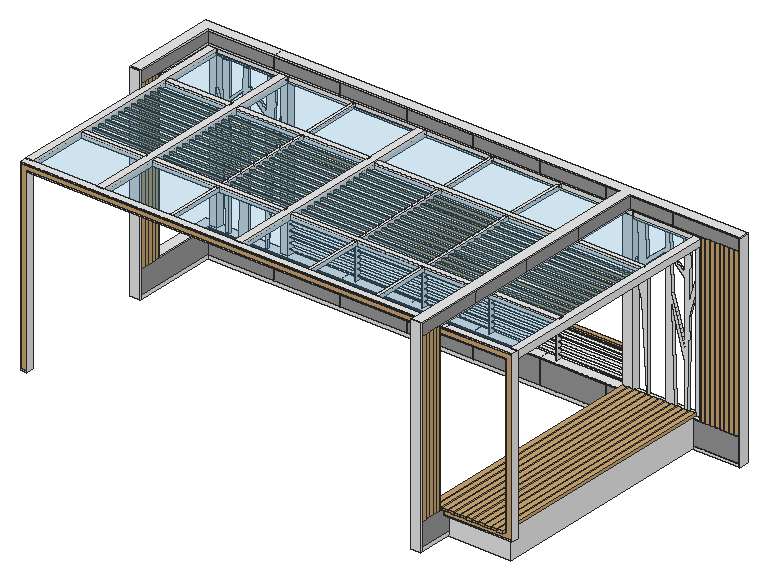
Revit family "L-FUR_퍼걸러_DWTH-01_데오스웍스", category 일반 모델, Revit 2019
Family settings
  보강 철근 호스트 가능 = 아니오
  원형 커넥터 치수 = 지름 사용
  부품 유형 = 보통
  작업 기준면 기반 = 아니오
  항상 수직 = 예
  로드될 때 보이드를 사용하여 절단 = 아니오
  공유 = 아니오
  룸 계산 점 = 아니오
Parameters
  한국산업규격KS = ""
  조달청표준공사코드-세부공종 = "24076824"
  건설정보분류체계-부위분류 = "E94135"
  LIM_INFO_주의사항 = "재배포, 재가공, 판매 금지"
  LIM_INFO_제품업체 = "데오스웍스"
  LIM_INFO_제품번호 = "DWTH-01"
  LIM_INFO_제품명 = "퍼걸러_DWTH-01"
  LIM_INFO_제작일 = "2021.12."
  LIM_INFO_재료 = "Stl Plate, Stl Pipe, Hardwood, 강화유리, H형강, 포천석"
  LIM_INFO_업체정보 = ""
  LIM_INFO_업체URL = "https://www.deosworks.com"
  LIM_INFO_업체TEL = "02-862-3444"
  LIM_INFO_업체EMAIL = "info@deosworks.com"
  LIM_INFO_버전 = "2022_V01"
  LIM_INFO_기타정보 = ""
  LIM_INFO_규격 = "W8000 x D4000 x H3030"
  LIM_INFO_가격 = 0
  LIM_INFO_PV_포장재여부 = yes
  LIM_INFO_PV_면적 = 0.00 m²
  KBIMS_식별-버전 = ""
  KBIMS_식별-bSK등록번호 = ""
  KBIMS_보급정보-저작자 = "림인포테크_MMJ"
  KBIMS_보급정보-보급코드 = ""
Reference planes
  plane 1 "중심(앞/뒤)": y = 0
  plane 2: z = 0
  plane 3 "중심(왼쪽/오른쪽)": x = 0
Dimensions and locks
  aligned and locked: level to plane 2
Nested families
  nested 1: "DWTH-01_base" at (0, 0, 0), type "DWTH-01_base"
Definition of nested family "DWTH-01_base"
  Reference planes
    plane 1 "중심(앞/뒤)": y = 0
    plane 2: z = 0
    plane 3 "중심(왼쪽/오른쪽)": x = 0
    plane 4: y = 7273.564
    plane 5: y = 9256.376
    plane 6: y = 8296.376
    plane 7: y = 7366.376
    plane 8: y = -3092.812
    plane 9: y = -1110
    plane 10: y = -2070
    plane 11: y = -3000
    plane 12: y = 7273.564
    plane 13: y = 9256.376
    plane 14: y = 8296.376
    plane 15: y = 7366.376
    plane 16: y = -3092.812
    plane 17: y = -1110
    plane 18: y = -2070
    plane 19: y = -3000
  Forms (mm)
    Extrusion 1, solid, detail levels fine
      sketch origin (-1609.275, -10366.376, 0) x (1, 0, 0) y (0, 1, 0)
        loop
          line (1609.275, 10366.376) -> (1609.275, 8991.376) -> (1759.275, 8991.376) -> (1759.275, 10216.376) -> (7839.275, 10216.376) -> (7839.275, 6381.376) -> (7989.275, 6381.376) -> (7989.275, 10216.376) -> (9609.275, 10216.376) -> (9609.275, 10366.376) -> (1609.275, 10366.376)
      from 3015 to 3030
    Extrusion 2, solid, detail levels fine
      sketch origin (-1609.275, -10366.376, 0) x (1, 0, 0) y (0, 1, 0)
        loop
          line (1759.275, 8991.376) -> (1759.275, 10366.376) -> (1609.275, 10366.376) -> (1609.275, 8991.376) -> (1759.275, 8991.376)
      from 2845 to 3015
    Extrusion 3, solid, detail levels fine
      sketch origin (-1609.275, -10366.376, 0) x (1, 0, 0) y (0, 1, 0)
        loop
          line (1609.275, 8991.376) -> (1609.275, 8976.376) -> (1759.275, 8976.376) -> (1759.275, 8991.376) -> (1609.275, 8991.376)
      from 0 to 3030
    Extrusion 4, solid, detail levels fine
      sketch origin (-1609.275, -10366.376, 0) x (1, 0, 0) y (0, 1, 0)
        loop
          line (7839.275, 6381.376) -> (7839.275, 6366.376) -> (7989.275, 6366.376) -> (7989.275, 6381.376) -> (7839.275, 6381.376)
      from 0 to 3030
    Extrusion 5, solid, detail levels fine
      sketch origin (-1609.275, -10366.376, 0) x (1, 0, 0) y (0, 1, 0)
        loop
          line (1609.275, 10366.376) -> (1609.275, 8991.376) -> (1759.275, 8991.376) -> (1759.275, 10216.376) -> (7839.275, 10216.376) -> (7839.275, 6381.376) -> (7989.275, 6381.376) -> (7989.275, 10216.376) -> (9594.275, 10216.376) -> (9594.275, 10366.376) -> (1609.275, 10366.376)
      from 0 to 50
    Extrusion 6, solid, detail levels fine
      sketch origin (-1609.275, -10366.376, 0) x (1, 0, 0) y (0, 1, 0)
        loop
          line (1759.275, 8991.376) -> (1759.275, 10366.376) -> (1609.275, 10366.376) -> (1609.275, 8991.376) -> (1759.275, 8991.376)
      from 50 to 405
    Extrusion 7, solid, detail levels fine
      sketch origin (-1609.275, -10366.376, 0) x (1, 0, 0) y (0, 1, 0)
        loop
          line (1759.275, 10366.376) -> (1759.275, 10216.376) -> (2730.212, 10216.376) -> (2730.212, 10366.376) -> (1759.275, 10366.376)
      from 50 to 405
    Extrusion 8, solid, detail levels fine
      sketch origin (130.725, -10366.376, 0) x (1, 0, 0) y (0, 1, 0)
        loop
          line (1000.212, 10366.376) -> (1000.212, 10216.376) -> (1971.15, 10216.376) -> (1971.15, 10366.376) -> (1000.212, 10366.376)
      from 50 to 405
    Extrusion 9, solid, detail levels fine
      sketch origin (1000.725, -10366.376, 0) x (1, 0, 0) y (0, 1, 0)
        loop
          line (1111.15, 10366.376) -> (1111.15, 10216.376) -> (2082.087, 10216.376) -> (2082.087, 10366.376) -> (1111.15, 10366.376)
      from 50 to 405
    Extrusion 10, solid, detail levels fine
      sketch origin (1870.725, -10366.376, 0) x (1, 0, 0) y (0, 1, 0)
        loop
          line (1222.087, 10366.376) -> (1222.087, 10216.376) -> (2193.025, 10216.376) -> (2193.025, 10366.376) -> (1222.087, 10366.376)
      from 50 to 405
    Extrusion 11, solid, detail levels fine
      sketch origin (2740.725, -10366.376, 0) x (1, 0, 0) y (0, 1, 0)
        loop
          line (1333.025, 10366.376) -> (1333.025, 10216.376) -> (2303.962, 10216.376) -> (2303.962, 10366.376) -> (1333.025, 10366.376)
      from 50 to 405
    Extrusion 12, solid, detail levels fine
      sketch origin (3610.725, -10366.376, 0) x (1, 0, 0) y (0, 1, 0)
        loop
          line (1443.962, 10366.376) -> (1443.962, 10216.376) -> (2414.9, 10216.376) -> (2414.9, 10366.376) -> (1443.962, 10366.376)
      from 50 to 405
    Extrusion 13, solid, detail levels fine
      sketch origin (-1609.275, -10366.376, 0) x (0, 1, 0) y (0, 0, 1)
        loop
          line (9051.376, 2845) -> (8991.376, 2845) -> (8991.376, 405) -> (9051.376, 405) -> (9051.376, 2845)
        loop
          line (9116.376, 2845) -> (9056.376, 2845) -> (9056.376, 405) -> (9116.376, 405) -> (9116.376, 2845)
        loop
          line (9181.376, 2845) -> (9121.376, 2845) -> (9121.376, 405) -> (9181.376, 405) -> (9181.376, 2845)
        loop
          line (9246.376, 2845) -> (9186.376, 2845) -> (9186.376, 405) -> (9246.376, 405) -> (9246.376, 2845)
        loop
          line (9311.376, 2845) -> (9251.376, 2845) -> (9251.376, 405) -> (9311.376, 405) -> (9311.376, 2845)
      from 1609.275 to 1759.275
    Extrusion 14, solid, detail levels fine
      sketch origin (-1609.275, -12976.376, 0) x (0, 1, 0) y (0, 0, 1)
        loop
          line (9051.376, 2845) -> (8991.376, 2845) -> (8991.376, 405) -> (9051.376, 405) -> (9051.376, 2845)
        loop
          line (9116.376, 2845) -> (9056.376, 2845) -> (9056.376, 405) -> (9116.376, 405) -> (9116.376, 2845)
        loop
          line (9181.376, 2845) -> (9121.376, 2845) -> (9121.376, 405) -> (9181.376, 405) -> (9181.376, 2845)
        loop
          line (9246.376, 2845) -> (9186.376, 2845) -> (9186.376, 405) -> (9246.376, 405) -> (9246.376, 2845)
        loop
          line (9311.376, 2845) -> (9251.376, 2845) -> (9251.376, 405) -> (9311.376, 405) -> (9311.376, 2845)
      from 7839.275 to 7989.275
    Extrusion 15, solid, detail levels fine
      sketch origin (4591.663, -10366.376, 0) x (1, 0, 0) y (0, 1, 0)
        loop
          line (1443.962, 10366.376) -> (1443.962, 10216.376) -> (2414.9, 10216.376) -> (2414.9, 10366.376) -> (1443.962, 10366.376)
      from 50 to 405
    Extrusion 16, solid, detail levels fine
      sketch origin (5570.1, -10366.376, 0) x (1, 0, 0) y (0, 1, 0)
        loop
          line (1443.962, 10366.376) -> (1443.962, 10216.376) -> (2414.9, 10216.376) -> (2414.9, 10366.376) -> (1443.962, 10366.376)
      from 50 to 405
    Extrusion 17, solid, detail levels fine
      sketch origin (16596.376, -2564.9, 0) x (0, 1, 0) y (-1, 0, 0)
        loop
          line (1464.9, 10366.376) -> (1464.9, 10216.376) -> (2414.9, 10216.376) -> (2414.9, 10366.376) -> (1464.9, 10366.376)
      from 50 to 405
    Extrusion 18, solid, detail levels fine
      sketch origin (16596.376, -3365.027, 0) x (0, 1, 0) y (-1, 0, 0)
        loop
          line (1305.027, 10366.376) -> (1305.027, 10216.376) -> (2255.027, 10216.376) -> (2255.027, 10366.376) -> (1305.027, 10366.376)
      from 50 to 405
    Extrusion 19, solid, detail levels fine
      sketch origin (16596.376, -4484.9, 0) x (0, 1, 0) y (-1, 0, 0)
        loop
          line (1494.9, 10366.376) -> (1494.9, 10216.376) -> (2414.9, 10216.376) -> (2414.9, 10366.376) -> (1494.9, 10366.376)
      from 50 to 405
    Extrusion 20, solid, detail levels fine
      sketch origin (16596.376, -5414.9, 0) x (0, 1, 0) y (-1, 0, 0)
        loop
          line (1429.9, 10366.376) -> (1429.9, 10216.376) -> (2414.9, 10216.376) -> (2414.9, 10366.376) -> (1429.9, 10366.376)
      from 50 to 405
    Extrusion 21, solid, detail levels fine
      sketch origin (-1609.275, -10366.376, 0) x (1, 0, 0) y (0, 0, 1)
        loop
          line (9524.275, 2845) -> (9524.275, 405) -> (9584.275, 405) -> (9584.275, 2845) -> (9524.275, 2845)
        loop
          line (9454.275, 2845) -> (9454.275, 405) -> (9514.275, 405) -> (9514.275, 2845) -> (9454.275, 2845)
        loop
          line (9384.275, 2845) -> (9384.275, 405) -> (9444.275, 405) -> (9444.275, 2845) -> (9384.275, 2845)
        loop
          line (9314.275, 2845) -> (9314.275, 405) -> (9374.275, 405) -> (9374.275, 2845) -> (9314.275, 2845)
        loop
          line (9244.275, 2845) -> (9244.275, 405) -> (9304.275, 405) -> (9304.275, 2845) -> (9244.275, 2845)
        loop
          line (9174.275, 2845) -> (9174.275, 405) -> (9234.275, 405) -> (9234.275, 2845) -> (9174.275, 2845)
        loop
          line (9104.275, 2845) -> (9104.275, 405) -> (9164.275, 405) -> (9164.275, 2845) -> (9104.275, 2845)
        loop
          line (9034.275, 2845) -> (9034.275, 405) -> (9094.275, 405) -> (9094.275, 2845) -> (9034.275, 2845)
      from -10366.376 to -10216.376
    Extrusion 22, solid, detail levels fine
      sketch origin (-1609.275, -10366.376, 0) x (1, 0, 0) y (0, 1, 0)
        loop
          line (1759.275, 10366.376) -> (1759.275, 10216.376) -> (2730.212, 10216.376) -> (2730.212, 10366.376) -> (1759.275, 10366.376)
        loop
          line (2740.212, 10366.376) -> (2740.212, 10216.376) -> (3711.15, 10216.376) -> (3711.15, 10366.376) -> (2740.212, 10366.376)
        loop
          line (3721.15, 10366.376) -> (3721.15, 10216.376) -> (4692.087, 10216.376) -> (4692.087, 10366.376) -> (3721.15, 10366.376)
        loop
          line (4702.087, 10366.376) -> (4702.087, 10216.376) -> (5673.025, 10216.376) -> (5673.025, 10366.376) -> (4702.087, 10366.376)
        loop
          line (5683.025, 10366.376) -> (5683.025, 10216.376) -> (6653.962, 10216.376) -> (6653.962, 10366.376) -> (5683.025, 10366.376)
        loop
          line (6663.962, 10366.376) -> (6663.962, 10216.376) -> (7634.9, 10216.376) -> (7634.9, 10366.376) -> (6663.962, 10366.376)
        loop
          line (7644.9, 10366.376) -> (7644.9, 10216.376) -> (8615.837, 10216.376) -> (8615.837, 10366.376) -> (7644.9, 10366.376)
        loop
          line (8623.337, 10366.376) -> (8623.337, 10216.376) -> (9594.275, 10216.376) -> (9594.275, 10366.376) -> (8623.337, 10366.376)
      from 2845 to 3015
    Extrusion 23, solid, detail levels fine
      sketch origin (-1609.275, -10366.376, 0) x (1, 0, 0) y (0, 1, 0)
        loop
          line (7839.275, 10216.376) -> (7839.275, 9266.376) -> (7989.275, 9266.376) -> (7989.275, 10216.376) -> (7839.275, 10216.376)
        loop
          line (7839.275, 9256.376) -> (7839.275, 8306.376) -> (7989.275, 8306.376) -> (7989.275, 9256.376) -> (7839.275, 9256.376)
        loop
          line (7839.275, 8296.376) -> (7839.275, 7376.376) -> (7989.275, 7376.376) -> (7989.275, 8296.376) -> (7839.275, 8296.376)
        loop
          line (7839.275, 7366.376) -> (7839.275, 6381.376) -> (7989.275, 6381.376) -> (7989.275, 7366.376) -> (7839.275, 7366.376)
      from 2845 to 3015
    Extrusion 24, solid, detail levels fine
      sketch origin (-1609.275, -10366.376, 0) x (1, 0, 0) y (0, 1, 0)
        loop
          line (9034.275, 10216.376) -> (9034.275, 10366.376) -> (1609.275, 10366.376) -> (1609.275, 9311.376) -> (1759.275, 9311.376) -> (1759.275, 10216.376) -> (7839.275, 10216.376) -> (7839.275, 6701.376) -> (7989.275, 6701.376) -> (7989.275, 10216.376) -> (9034.275, 10216.376)
      from 2830 to 2845
    Extrusion 25, solid, detail levels fine
      sketch origin (-1609.275, -10366.376, 0) x (1, 0, 0) y (0, 1, 0)
        loop
          line (9594.275, 10366.376) -> (9594.275, 10216.376) -> (9609.275, 10216.376) -> (9609.275, 10366.376) -> (9594.275, 10366.376)
      from 0 to 3015
    Extrusion 26, solid, detail levels fine
      sketch origin (-1609.275, -10366.376, 0) x (1, 0, 0) y (0, 1, 0)
        loop
          line (7989.275, 6716.376) -> (7839.275, 6716.376) -> (7839.275, 6701.376) -> (7989.275, 6701.376) -> (7989.275, 6716.376)
        loop
          line (9034.275, 10366.376) -> (9019.275, 10366.376) -> (9019.275, 10216.376) -> (9034.275, 10216.376) -> (9034.275, 10366.376)
        loop
          line (1609.275, 9311.376) -> (1759.275, 9311.376) -> (1759.275, 9326.376) -> (1609.275, 9326.376) -> (1609.275, 9311.376)
      from 420 to 2830
    Extrusion 27, solid, detail levels fine
      sketch origin (-1609.275, -10366.376, 0) x (1, 0, 0) y (0, 1, 0)
        loop
          line (1609.275, 9311.376) -> (1759.275, 9311.376) -> (1759.275, 10216.376) -> (7839.275, 10216.376) -> (7839.275, 6701.376) -> (7989.275, 6701.376) -> (7989.275, 10216.376) -> (9034.275, 10216.376) -> (9034.275, 10366.376) -> (1609.275, 10366.376) -> (1609.275, 9311.376)
      from 405 to 420
    Extrusion 28, solid, detail levels fine
      sketch origin (-564.275, -10366.376, 0) x (1, 0, 0) y (0, 1, 0)
        loop
          line (1759.275, 10366.376) -> (1759.275, 10266.376) -> (1859.275, 10266.376) -> (1859.275, 10366.376) -> (1759.275, 10366.376)
      from 420 to 2830
    Extrusion 29, solid, detail levels fine
      sketch origin (-1609.275, -10316.376, 0) x (1, 0, 0) y (0, 1, 0)
        loop
          line (9009.275, 10316.376) -> (1759.275, 10316.376) -> (1759.275, 10216.376) -> (1759.275, 9062.781) -> (1759.275, 6816.376) -> (1859.275, 6816.376) -> (1859.275, 10216.376) -> (8909.275, 10216.376) -> (8909.275, 6816.376) -> (9009.275, 6816.376) -> (9009.275, 10316.376)
      from 2700 to 2800
    Extrusion 30, solid, detail levels fine
      sketch origin (-1609.275, -10316.376, 0) x (1, 0, 0) y (0, 1, 0)
        loop
          line (2804.275, 10216.376) -> (2804.275, 6816.376) -> (2904.275, 6816.376) -> (2904.275, 10216.376) -> (2804.275, 10216.376)
        loop
          line (4839.279, 10216.376) -> (4839.279, 6816.376) -> (4939.278, 6816.376) -> (4939.278, 10216.376) -> (4839.279, 10216.376)
      from 2700 to 2800
    Extrusion 31, solid, detail levels fine
      sketch origin (-1609.275, -10316.376, 0) x (1, 0, 0) y (0, 1, 0)
        loop
          line (1859.275, 9326.376) -> (1859.275, 9251.376) -> (2804.275, 9251.376) -> (2804.275, 9326.376) -> (1859.275, 9326.376)
        loop
          line (1859.275, 7781.376) -> (1859.275, 7706.376) -> (2804.275, 7706.376) -> (2804.275, 7781.376) -> (1859.275, 7781.376)
        loop
          line (2904.275, 9326.376) -> (2904.275, 9251.376) -> (4839.279, 9251.376) -> (4839.279, 9326.376) -> (2904.275, 9326.376)
        loop
          line (2904.275, 7781.376) -> (2904.275, 7706.376) -> (4839.279, 7706.376) -> (4839.279, 7781.376) -> (2904.275, 7781.376)
        loop
          line (4939.278, 9326.376) -> (4939.278, 9251.376) -> (8909.275, 9251.376) -> (8909.275, 9326.376) -> (4939.278, 9326.376)
        loop
          line (4939.278, 7781.376) -> (4939.278, 7706.376) -> (8909.275, 7706.376) -> (8909.275, 7781.376) -> (4939.278, 7781.376)
      from 2710 to 2790
    Extrusion 32, solid, detail levels fine
      sketch origin (-1609.275, -10316.376, 0) x (1, 0, 0) y (0, 1, 0)
        loop
          line (1859.275, 9131.376) -> (1859.275, 9101.376) -> (2804.275, 9101.376) -> (2804.275, 9131.376) -> (1859.275, 9131.376)
        loop
          line (1859.275, 9011.376) -> (1859.275, 8981.376) -> (2804.275, 8981.376) -> (2804.275, 9011.376) -> (1859.275, 9011.376)
        loop
          line (1859.275, 8891.376) -> (1859.275, 8861.376) -> (2804.275, 8861.376) -> (2804.275, 8891.376) -> (1859.275, 8891.376)
        loop
          line (1859.275, 8771.376) -> (1859.275, 8741.376) -> (2804.275, 8741.376) -> (2804.275, 8771.376) -> (1859.275, 8771.376)
        loop
          line (2804.275, 8651.376) -> (1859.275, 8651.376) -> (1859.275, 8621.376) -> (2804.275, 8621.376) -> (2804.275, 8651.376)
        loop
          line (1859.275, 8531.376) -> (1859.275, 8501.376) -> (2804.275, 8501.376) -> (2804.275, 8531.376) -> (1859.275, 8531.376)
        loop
          line (1859.275, 8411.376) -> (1859.275, 8381.376) -> (2804.275, 8381.376) -> (2804.275, 8411.376) -> (1859.275, 8411.376)
        loop
          line (1859.275, 8291.376) -> (1859.275, 8261.376) -> (2804.275, 8261.376) -> (2804.275, 8291.376) -> (1859.275, 8291.376)
        loop
          line (1859.275, 8171.376) -> (1859.275, 8141.376) -> (2804.275, 8141.376) -> (2804.275, 8171.376) -> (1859.275, 8171.376)
        loop
          line (1859.275, 8051.376) -> (1859.275, 8021.376) -> (2804.275, 8021.376) -> (2804.275, 8051.376) -> (1859.275, 8051.376)
        loop
          line (1859.275, 7931.376) -> (1859.275, 7901.376) -> (2804.275, 7901.376) -> (2804.275, 7931.376) -> (1859.275, 7931.376)
        loop
          line (2904.275, 9131.376) -> (2904.275, 9101.376) -> (3849.275, 9101.376) -> (3849.275, 9131.376) -> (2904.275, 9131.376)
        loop
          line (2904.275, 9011.376) -> (2904.275, 8981.376) -> (3849.275, 8981.376) -> (3849.275, 9011.376) -> (2904.275, 9011.376)
        loop
          line (2904.275, 8891.376) -> (2904.275, 8861.376) -> (3849.275, 8861.376) -> (3849.275, 8891.376) -> (2904.275, 8891.376)
        loop
          line (2904.275, 8771.376) -> (2904.275, 8741.376) -> (3849.275, 8741.376) -> (3849.275, 8771.376) -> (2904.275, 8771.376)
        loop
          line (3849.275, 8651.376) -> (2904.275, 8651.376) -> (2904.275, 8621.376) -> (3849.275, 8621.376) -> (3849.275, 8651.376)
        loop
          line (2904.275, 8531.376) -> (2904.275, 8501.376) -> (3849.275, 8501.376) -> (3849.275, 8531.376) -> (2904.275, 8531.376)
        loop
          line (2904.275, 8411.376) -> (2904.275, 8381.376) -> (3849.275, 8381.376) -> (3849.275, 8411.376) -> (2904.275, 8411.376)
        loop
          line (2904.275, 8291.376) -> (2904.275, 8261.376) -> (3849.275, 8261.376) -> (3849.275, 8291.376) -> (2904.275, 8291.376)
        loop
          line (2904.275, 8171.376) -> (2904.275, 8141.376) -> (3849.275, 8141.376) -> (3849.275, 8171.376) -> (2904.275, 8171.376)
        loop
          line (2904.275, 8051.376) -> (2904.275, 8021.376) -> (3849.275, 8021.376) -> (3849.275, 8051.376) -> (2904.275, 8051.376)
        loop
          line (2904.275, 7931.376) -> (2904.275, 7901.376) -> (3849.275, 7901.376) -> (3849.275, 7931.376) -> (2904.275, 7931.376)
        loop
          line (3894.277, 9131.376) -> (3894.277, 9101.376) -> (4839.277, 9101.376) -> (4839.277, 9131.376) -> (3894.277, 9131.376)
        loop
          line (3894.277, 9011.376) -> (3894.277, 8981.376) -> (4839.277, 8981.376) -> (4839.277, 9011.376) -> (3894.277, 9011.376)
        loop
          line (3894.277, 8891.376) -> (3894.277, 8861.376) -> (4839.277, 8861.376) -> (4839.277, 8891.376) -> (3894.277, 8891.376)
        loop
          line (3894.277, 8771.376) -> (3894.277, 8741.376) -> (4839.277, 8741.376) -> (4839.277, 8771.376) -> (3894.277, 8771.376)
        loop
          line (4839.277, 8651.376) -> (3894.277, 8651.376) -> (3894.277, 8621.376) -> (4839.277, 8621.376) -> (4839.277, 8651.376)
        loop
          line (3894.277, 8531.376) -> (3894.277, 8501.376) -> (4839.277, 8501.376) -> (4839.277, 8531.376) -> (3894.277, 8531.376)
        loop
          line (3894.277, 8411.376) -> (3894.277, 8381.376) -> (4839.277, 8381.376) -> (4839.277, 8411.376) -> (3894.277, 8411.376)
        loop
          line (3894.277, 8291.376) -> (3894.277, 8261.376) -> (4839.277, 8261.376) -> (4839.277, 8291.376) -> (3894.277, 8291.376)
        loop
          line (3894.277, 8171.376) -> (3894.277, 8141.376) -> (4839.277, 8141.376) -> (4839.277, 8171.376) -> (3894.277, 8171.376)
        loop
          line (3894.277, 8051.376) -> (3894.277, 8021.376) -> (4839.277, 8021.376) -> (4839.277, 8051.376) -> (3894.277, 8051.376)
        loop
          line (3894.277, 7931.376) -> (3894.277, 7901.376) -> (4839.277, 7901.376) -> (4839.277, 7931.376) -> (3894.277, 7931.376)
        loop
          line (4939.278, 9131.376) -> (4939.278, 9101.376) -> (5884.279, 9101.376) -> (5884.279, 9131.376) -> (4939.278, 9131.376)
        loop
          line (4939.278, 9011.376) -> (4939.278, 8981.376) -> (5884.279, 8981.376) -> (5884.279, 9011.376) -> (4939.278, 9011.376)
        loop
          line (4939.278, 8891.376) -> (4939.278, 8861.376) -> (5884.279, 8861.376) -> (5884.279, 8891.376) -> (4939.278, 8891.376)
        loop
          line (4939.278, 8771.376) -> (4939.278, 8741.376) -> (5884.279, 8741.376) -> (5884.279, 8771.376) -> (4939.278, 8771.376)
        loop
          line (5884.279, 8651.376) -> (4939.278, 8651.376) -> (4939.278, 8621.376) -> (5884.279, 8621.376) -> (5884.279, 8651.376)
        loop
          line (4939.278, 8531.376) -> (4939.278, 8501.376) -> (5884.279, 8501.376) -> (5884.279, 8531.376) -> (4939.278, 8531.376)
        loop
          line (4939.278, 8411.376) -> (4939.278, 8381.376) -> (5884.279, 8381.376) -> (5884.279, 8411.376) -> (4939.278, 8411.376)
        loop
          line (4939.278, 8291.376) -> (4939.278, 8261.376) -> (5884.279, 8261.376) -> (5884.279, 8291.376) -> (4939.278, 8291.376)
        loop
          line (4939.278, 8171.376) -> (4939.278, 8141.376) -> (5884.279, 8141.376) -> (5884.279, 8171.376) -> (4939.278, 8171.376)
        loop
          line (4939.278, 8051.376) -> (4939.278, 8021.376) -> (5884.279, 8021.376) -> (5884.279, 8051.376) -> (4939.278, 8051.376)
        loop
          line (4939.278, 7931.376) -> (4939.278, 7901.376) -> (5884.279, 7901.376) -> (5884.279, 7931.376) -> (4939.278, 7931.376)
        loop
          line (5929.279, 9131.376) -> (5929.279, 9101.376) -> (6874.279, 9101.376) -> (6874.279, 9131.376) -> (5929.279, 9131.376)
        loop
          line (5929.279, 9011.376) -> (5929.279, 8981.376) -> (6874.279, 8981.376) -> (6874.279, 9011.376) -> (5929.279, 9011.376)
        loop
          line (5929.279, 8891.376) -> (5929.279, 8861.376) -> (6874.279, 8861.376) -> (6874.279, 8891.376) -> (5929.279, 8891.376)
        loop
          line (5929.279, 8771.376) -> (5929.279, 8741.376) -> (6874.279, 8741.376) -> (6874.279, 8771.376) -> (5929.279, 8771.376)
        loop
          line (6874.279, 8651.376) -> (5929.279, 8651.376) -> (5929.279, 8621.376) -> (6874.279, 8621.376) -> (6874.279, 8651.376)
        loop
          line (5929.279, 8531.376) -> (5929.279, 8501.376) -> (6874.279, 8501.376) -> (6874.279, 8531.376) -> (5929.279, 8531.376)
        loop
          line (5929.279, 8411.376) -> (5929.279, 8381.376) -> (6874.279, 8381.376) -> (6874.279, 8411.376) -> (5929.279, 8411.376)
        loop
          line (5929.279, 8291.376) -> (5929.279, 8261.376) -> (6874.279, 8261.376) -> (6874.279, 8291.376) -> (5929.279, 8291.376)
        loop
          line (5929.279, 8171.376) -> (5929.279, 8141.376) -> (6874.279, 8141.376) -> (6874.279, 8171.376) -> (5929.279, 8171.376)
        loop
          line (5929.279, 8051.376) -> (5929.279, 8021.376) -> (6874.279, 8021.376) -> (6874.279, 8051.376) -> (5929.279, 8051.376)
        loop
          line (5929.279, 7931.376) -> (5929.279, 7901.376) -> (6874.279, 7901.376) -> (6874.279, 7931.376) -> (5929.279, 7931.376)
        loop
          line (6919.279, 9131.376) -> (6919.279, 9101.376) -> (7914.274, 9101.376) -> (8909.275, 9101.376) -> (8909.275, 9131.376) -> (7914.274, 9131.376) -> (6919.279, 9131.376)
        loop
          line (6919.279, 9011.376) -> (6919.279, 8981.376) -> (7913.946, 8981.376) -> (8909.275, 8981.376) -> (8909.275, 9011.376) -> (7903.821, 9011.376) -> (6919.279, 9011.376)
        loop
          line (6919.279, 8891.376) -> (6919.279, 8861.376) -> (7914.274, 8861.376) -> (8909.275, 8861.376) -> (8909.275, 8891.376) -> (7914.274, 8891.376) -> (6919.279, 8891.376)
        loop
          line (6919.279, 8771.376) -> (6919.279, 8741.376) -> (7882.765, 8741.376) -> (8909.275, 8741.376) -> (8909.275, 8771.376) -> (7870.616, 8771.376) -> (6919.279, 8771.376)
        loop
          line (7868.591, 8651.376) -> (6919.279, 8651.376) -> (6919.279, 8621.376) -> (7862.516, 8621.376) -> (8909.275, 8621.376) -> (8909.275, 8651.376) -> (7868.591, 8651.376)
        loop
          line (6919.279, 8531.376) -> (6919.279, 8501.376) -> (7907.871, 8501.376) -> (8909.275, 8501.376) -> (8909.275, 8531.376) -> (7868.591, 8531.376) -> (6919.279, 8531.376)
        loop
          line (6919.279, 8411.376) -> (6919.279, 8381.376) -> (7914.274, 8381.376) -> (8909.275, 8381.376) -> (8909.275, 8411.376) -> (7914.274, 8411.376) -> (6919.279, 8411.376)
        loop
          line (6919.279, 8291.376) -> (6919.279, 8261.376) -> (7880.74, 8261.376) -> (8909.275, 8261.376) -> (8909.275, 8291.376) -> (7884.79, 8291.376) -> (6919.279, 8291.376)
        loop
          line (6919.279, 8171.376) -> (6919.279, 8141.376) -> (7856.442, 8141.376) -> (8909.275, 8141.376) -> (8909.275, 8171.376) -> (7860.491, 8171.376) -> (6919.279, 8171.376)
        loop
          line (6919.279, 8051.376) -> (6919.279, 8021.376) -> (7878.715, 8021.376) -> (8909.275, 8021.376) -> (8909.275, 8051.376) -> (7872.641, 8051.376) -> (6919.279, 8051.376)
        loop
          line (6919.279, 7931.376) -> (6919.279, 7901.376) -> (7939.381, 7901.376) -> (8909.275, 7901.376) -> (8909.275, 7931.376) -> (7914.274, 7931.376) -> (6919.279, 7931.376)
      from 2730 to 2760
    Extrusion 33, solid, detail levels fine
      sketch origin (-1609.275, -10316.376, 0) x (1, 0, 0) y (0, 1, 0)
        loop
          line (3849.277, 10216.376) -> (3849.277, 9326.376) -> (3894.277, 9326.376) -> (3894.277, 10216.376) -> (3849.277, 10216.376)
        loop
          line (3849.277, 9251.376) -> (3849.277, 7781.376) -> (3894.277, 7781.376) -> (3894.277, 9251.376) -> (3849.277, 9251.376)
        loop
          line (3849.277, 7706.376) -> (3849.277, 6816.376) -> (3894.277, 6816.376) -> (3894.277, 7706.376) -> (3849.277, 7706.376)
        loop
          line (5884.279, 10216.376) -> (5884.279, 9326.376) -> (5929.279, 9326.376) -> (5929.279, 10216.376) -> (5884.279, 10216.376)
        loop
          line (5884.279, 9251.376) -> (5884.279, 7781.376) -> (5929.279, 7781.376) -> (5929.279, 9251.376) -> (5884.279, 9251.376)
        loop
          line (5884.279, 7706.376) -> (5884.279, 6816.376) -> (5929.279, 6816.376) -> (5929.279, 7706.376) -> (5884.279, 7706.376)
        loop
          line (6874.279, 10216.376) -> (6874.279, 9326.376) -> (6919.279, 9326.376) -> (6919.279, 10216.376) -> (6874.279, 10216.376)
        loop
          line (6874.279, 9251.376) -> (6874.279, 7781.376) -> (6919.279, 7781.376) -> (6919.279, 9251.376) -> (6874.279, 9251.376)
        loop
          line (6874.279, 7706.376) -> (6874.279, 6816.376) -> (6919.279, 6816.376) -> (6919.279, 7706.376) -> (6874.279, 7706.376)
      from 2720 to 2770
    Extrusion 34, solid, detail levels fine
      sketch origin (-1609.275, -10366.376, 0) x (1, 0, 0) y (0, 0, 1)
        loop
          line (8999.275, 2790) -> (8007.601, 2790) -> (1769.275, 2790) -> (1769.275, 60) -> (1849.275, 60) -> (1849.275, 2710) -> (8006.781, 2710) -> (8919.275, 2710) -> (8919.275, 410) -> (7999.275, 410) -> (7999.275, 330) -> (8999.275, 330) -> (8999.275, 2790)
      from -6866.376 to -6766.376
    Extrusion 35, solid, detail levels fine
      sketch origin (-1609.275, -10366.376, 0) x (1, 0, 0) y (0, 0, 1)
        loop
          line (1849.275, 60) -> (1849.275, 2710) -> (8006.781, 2710) -> (8919.275, 2710) -> (8919.275, 410) -> (7999.275, 410) -> (7999.275, 330) -> (8999.275, 330) -> (8999.275, 2790) -> (8007.601, 2790) -> (1769.275, 2790) -> (1769.275, 60) -> (1849.275, 60)
        loop
          line (8017.781, 2700) -> (8909.275, 2700) -> (8909.275, 450) -> (8909.275, 420) -> (7989.275, 420) -> (7989.275, 320) -> (9009.275, 320) -> (9009.275, 2800) -> (8019.067, 2800) -> (1759.275, 2800) -> (1759.275, 50) -> (1859.275, 50) -> (1859.275, 2700) -> (8017.781, 2700)
      from -6866.376 to -6766.376
    Extrusion 36, solid, detail levels fine
      sketch origin (-1609.275, -10366.376, 0) x (1, 0, 0) y (0, 0, 1)
        loop
          line (2804.275, 2022.738) -> (2804.275, 2230.402) -> (2704.43, 1936.04) -> (2747.484, 2700) -> (2622.809, 2700) -> (2605.161, 2230.845) -> (2333.523, 2455.294) -> (2333.523, 2700) -> (2264.054, 2700) -> (2254.593, 2397.093) -> (2054.262, 2218.476) -> (2056.398, 2700) -> (1963.85, 2700) -> (1975.3, 1899.666) -> (1859.275, 2281.536) -> (1859.275, 2095.215) -> (1978.555, 1672.126) -> (1997.899, 420.037) -> (2002.428, 420) -> (2045.839, 420) -> (2049.089, 1052.566) -> (2233.87, 1733.628) -> (2189.717, 420) -> (2333.523, 420) -> (2333.523, 2400.834) -> (2601.869, 2143.325) -> (2595.761, 1980.949) -> (2595.761, 420) -> (2613.356, 420) -> (2687.879, 1642.36) -> (2804.275, 2022.738)
        loop
          line (2238.845, 1892.889) -> (2253.465, 2360.968) -> (2053.982, 2155.362) -> (2049.932, 1242.544) -> (2238.845, 1892.889)
      from -10281.278 to -10250.343
    Extrusion 37, solid, detail levels fine
      sketch origin (-1609.275, -10366.376, 0) x (1, 0, 0) y (0, 1, 0)
        loop
          line (1759.275, 10366.376) -> (1759.275, 10266.376) -> (1859.275, 10266.376) -> (1859.275, 10366.376) -> (1759.275, 10366.376)
      from 420 to 2830
    Extrusion 38, solid, detail levels fine
      sketch origin (5540.725, -10366.376, 0) x (1, 0, 0) y (0, 1, 0)
        loop
          line (1759.275, 10366.376) -> (1759.275, 10266.376) -> (1859.275, 10266.376) -> (1859.275, 10366.376) -> (1759.275, 10366.376)
      from 420 to 2830
    Extrusion 39, solid, detail levels fine
      sketch origin (4490.725, -10366.376, 0) x (1, 0, 0) y (0, 1, 0)
        loop
          line (1739.275, 10366.376) -> (1739.275, 10266.376) -> (1889.275, 10266.376) -> (1889.275, 10366.376) -> (1739.275, 10366.376)
      from 420 to 2830
    Extrusion 40, solid, detail levels fine
      sketch origin (-1609.275, -10366.376, 0) x (1, 0, 0) y (0, 0, 1)
        loop
          line (2904.276, 920) -> (2904.276, 910) -> (3886.275, 910) -> (3886.275, 420) -> (3896.275, 420) -> (3896.275, 910) -> (4873.276, 910) -> (4873.276, 420) -> (4883.276, 420) -> (4883.276, 910) -> (5860.277, 910) -> (5860.277, 420) -> (5870.277, 420) -> (5870.277, 910) -> (6847.277, 910) -> (6847.277, 420) -> (6857.277, 420) -> (6857.277, 910) -> (7839.275, 910) -> (7839.275, 920) -> (2904.276, 920)
      from -10356.376 to -10276.376
    Extrusion 41, solid, detail levels fine
      sketch origin (-1609.275, -10366.376, 0) x (1, 0, 0) y (0, 0, 1)
        loop
          line (2904.275, 832.5) -> (2904.275, 827.5) -> (3886.275, 827.5) -> (3886.275, 832.5) -> (2904.275, 832.5)
        loop
          line (2904.275, 750) -> (2904.275, 745) -> (3886.275, 745) -> (3886.275, 750) -> (2904.275, 750)
        loop
          line (2904.275, 667.5) -> (2904.275, 662.5) -> (3886.275, 662.5) -> (3886.275, 667.5) -> (2904.275, 667.5)
        loop
          line (2904.275, 585) -> (2904.275, 580) -> (3886.275, 580) -> (3886.275, 585) -> (2904.275, 585)
        loop
          line (2904.275, 502.5) -> (2904.275, 497.5) -> (3886.275, 497.5) -> (3886.275, 502.5) -> (2904.275, 502.5)
        loop
          line (3896.275, 832.5) -> (3896.275, 827.5) -> (4873.276, 827.5) -> (4873.276, 832.5) -> (3896.275, 832.5)
        loop
          line (3896.275, 750) -> (3896.275, 745) -> (4873.276, 745) -> (4873.276, 750) -> (3896.275, 750)
        loop
          line (3896.275, 667.5) -> (3896.275, 662.5) -> (4873.276, 662.5) -> (4873.276, 667.5) -> (3896.275, 667.5)
        loop
          line (3896.275, 585) -> (3896.275, 580) -> (4873.276, 580) -> (4873.276, 585) -> (3896.275, 585)
        loop
          line (3896.275, 502.5) -> (3896.275, 497.5) -> (4873.276, 497.5) -> (4873.276, 502.5) -> (3896.275, 502.5)
        loop
          line (4883.276, 832.5) -> (4883.276, 827.5) -> (5860.277, 827.5) -> (5860.277, 832.5) -> (4883.276, 832.5)
        loop
          line (4883.276, 750) -> (4883.276, 745) -> (5860.277, 745) -> (5860.277, 750) -> (4883.276, 750)
        loop
          line (4883.276, 667.5) -> (4883.276, 662.5) -> (5860.277, 662.5) -> (5860.277, 667.5) -> (4883.276, 667.5)
        loop
          line (4883.276, 585) -> (4883.276, 580) -> (5860.277, 580) -> (5860.277, 585) -> (4883.276, 585)
        loop
          line (4883.276, 502.5) -> (4883.276, 497.5) -> (5860.277, 497.5) -> (5860.277, 502.5) -> (4883.276, 502.5)
        loop
          line (5870.277, 832.5) -> (5870.277, 827.5) -> (6847.277, 827.5) -> (6847.277, 832.5) -> (5870.277, 832.5)
        loop
          line (5870.277, 750) -> (5870.277, 745) -> (6847.277, 745) -> (6847.277, 750) -> (5870.277, 750)
        loop
          line (5870.277, 667.5) -> (5870.277, 662.5) -> (6847.277, 662.5) -> (6847.277, 667.5) -> (5870.277, 667.5)
        loop
          line (5870.277, 585) -> (5870.277, 580) -> (6847.277, 580) -> (6847.277, 585) -> (5870.277, 585)
        loop
          line (5870.277, 502.5) -> (5870.277, 497.5) -> (6847.277, 497.5) -> (6847.277, 502.5) -> (5870.277, 502.5)
        loop
          line (6857.277, 832.5) -> (6857.277, 827.5) -> (7839.275, 827.5) -> (7839.275, 832.5) -> (6857.277, 832.5)
        loop
          line (6857.277, 750) -> (6857.277, 745) -> (7839.275, 745) -> (7839.275, 750) -> (6857.277, 750)
        loop
          line (6857.277, 667.5) -> (6857.277, 662.5) -> (7839.275, 662.5) -> (7839.275, 667.5) -> (6857.277, 667.5)
        loop
          line (6857.277, 585) -> (6857.277, 580) -> (7839.275, 580) -> (7839.275, 585) -> (6857.277, 585)
        loop
          line (6857.277, 502.5) -> (6857.277, 497.5) -> (7839.275, 497.5) -> (7839.275, 502.5) -> (6857.277, 502.5)
      from -10345.862 to -10289.805
    Extrusion 42, solid, detail levels fine
      sketch origin (-1609.275, -10366.376, 0) x (1, 0, 0) y (0, 0, 1)
        loop
          line (2904.275, 940) -> (2904.275, 920) -> (7839.275, 920) -> (7839.275, 940) -> (2904.275, 940)
      from -10356.376 to -10276.376
    Extrusion 43, solid, detail levels fine
      sketch origin (9164.275, -10315.81, 0) x (-1, 0, 0) y (0, 0, -1)
        loop
          line (2804.275, -2022.738) -> (2687.879, -1642.36) -> (2613.356, -420) -> (2595.761, -420) -> (2595.761, -1980.949) -> (2601.869, -2143.325) -> (2333.523, -2400.834) -> (2333.523, -420) -> (2189.717, -420) -> (2233.87, -1733.628) -> (2049.089, -1052.566) -> (2045.839, -420) -> (2002.428, -420) -> (1997.899, -420.037) -> (1978.555, -1672.126) -> (1859.275, -2095.215) -> (1859.275, -2281.536) -> (1975.3, -1899.666) -> (1963.85, -2700) -> (2056.398, -2700) -> (2054.262, -2218.476) -> (2254.593, -2397.093) -> (2264.054, -2700) -> (2333.523, -2700) -> (2333.523, -2455.294) -> (2605.161, -2230.845) -> (2622.809, -2700) -> (2747.484, -2700) -> (2704.43, -1936.04) -> (2804.275, -2230.402) -> (2804.275, -2022.738)
        loop
          line (2238.845, -1892.889) -> (2049.932, -1242.544) -> (2053.982, -2155.362) -> (2253.465, -2360.968) -> (2238.845, -1892.889)
      from -10281.278 to -10250.343
    Extrusion 44, solid, detail levels fine
      sketch origin (-14614.081, -10366.376, 0) x (1, 0, 0) y (0, 1, 0)
        loop
          line (21744.081, 6716.376) -> (21824.081, 6716.376) -> (21824.081, 10266.376) -> (21744.081, 10266.376) -> (21744.081, 6716.376)
        loop
          line (21654.081, 6716.376) -> (21734.081, 6716.376) -> (21734.081, 10266.376) -> (21654.081, 10266.376) -> (21654.081, 6716.376)
        loop
          line (21834.081, 6716.376) -> (21914.081, 6716.376) -> (21914.081, 10266.376) -> (21834.081, 10266.376) -> (21834.081, 6716.376)
        loop
          line (21474.081, 6716.376) -> (21554.081, 6716.376) -> (21554.081, 10266.376) -> (21474.081, 10266.376) -> (21474.081, 6716.376)
        loop
          line (21384.081, 6716.376) -> (21464.081, 6716.376) -> (21464.081, 10266.376) -> (21384.081, 10266.376) -> (21384.081, 6716.376)
        loop
          line (21564.081, 6716.376) -> (21644.081, 6716.376) -> (21644.081, 10266.376) -> (21564.081, 10266.376) -> (21564.081, 6716.376)
        loop
          line (21204.081, 6716.376) -> (21284.081, 6716.376) -> (21284.081, 10266.376) -> (21204.081, 10266.376) -> (21204.081, 6716.376)
        loop
          line (21114.081, 6716.376) -> (21194.081, 6716.376) -> (21194.081, 10266.376) -> (21114.081, 10266.376) -> (21114.081, 6716.376)
        loop
          line (21294.081, 6716.376) -> (21374.081, 6716.376) -> (21374.081, 10266.376) -> (21294.081, 10266.376) -> (21294.081, 6716.376)
        loop
          line (20934.081, 6716.376) -> (21014.081, 6716.376) -> (21014.081, 10266.376) -> (20934.081, 10266.376) -> (20934.081, 6716.376)
        loop
          line (20844.081, 6716.376) -> (20924.081, 6716.376) -> (20924.081, 10266.376) -> (20844.081, 10266.376) -> (20844.081, 6716.376)
        loop
          line (21024.081, 6716.376) -> (21104.081, 6716.376) -> (21104.081, 10266.376) -> (21024.081, 10266.376) -> (21024.081, 6716.376)
      from 420 to 450
    Extrusion 45, solid, detail levels fine
      sketch origin (-1609.275, -10366.376, 0) x (1, 0, 0) y (0, 0, 1)
        loop
          line (8909.275, 0) -> (8909.275, 420) -> (7989.275, 420) -> (7989.275, 0) -> (8909.275, 0)
      from -10216.376 to -6866.376
    Extrusion 46, solid, detail levels fine
      sketch origin (-1609.275, -10366.376, 0) x (1, 0, 0) y (0, 1, 0)
        loop
          line (2804.275, 9376.376) -> (2804.275, 10216.376) -> (1859.275, 10216.376) -> (1859.275, 9376.376) -> (2804.275, 9376.376)
        loop
          line (1859.275, 9301.376) -> (1859.275, 7831.376) -> (2804.275, 7831.376) -> (2804.275, 9301.376) -> (1859.275, 9301.376)
        loop
          line (1859.275, 7756.376) -> (1859.275, 6866.376) -> (2804.275, 6866.376) -> (2804.275, 7756.376) -> (1859.275, 7756.376)
        loop
          line (3849.275, 9376.376) -> (3849.275, 10216.376) -> (2904.275, 10216.376) -> (2904.275, 9376.376) -> (3849.275, 9376.376)
        loop
          line (2904.275, 9301.376) -> (2904.275, 7831.376) -> (3849.275, 7831.376) -> (3849.275, 9301.376) -> (2904.275, 9301.376)
        loop
          line (2904.275, 7756.376) -> (2904.275, 6866.376) -> (3849.275, 6866.376) -> (3849.275, 7756.376) -> (2904.275, 7756.376)
        loop
          line (4839.277, 9376.376) -> (4839.277, 10216.376) -> (3894.277, 10216.376) -> (3894.277, 9376.376) -> (4839.277, 9376.376)
        loop
          line (3894.277, 9301.376) -> (3894.277, 7831.376) -> (4839.277, 7831.376) -> (4839.277, 9301.376) -> (3894.277, 9301.376)
        loop
          line (3894.277, 7756.376) -> (3894.277, 6866.376) -> (4839.277, 6866.376) -> (4839.277, 7756.376) -> (3894.277, 7756.376)
        loop
          line (5884.279, 9376.376) -> (5884.279, 10216.376) -> (4939.278, 10216.376) -> (4939.278, 9376.376) -> (5884.279, 9376.376)
        loop
          line (4939.278, 9301.376) -> (4939.278, 7831.376) -> (5884.279, 7831.376) -> (5884.279, 9301.376) -> (4939.278, 9301.376)
        loop
          line (4939.278, 7756.376) -> (4939.278, 6866.376) -> (5884.279, 6866.376) -> (5884.279, 7756.376) -> (4939.278, 7756.376)
        loop
          line (6874.279, 9376.376) -> (6874.279, 10216.376) -> (5929.279, 10216.376) -> (5929.279, 9376.376) -> (6874.279, 9376.376)
        loop
          line (5929.279, 9301.376) -> (5929.279, 7831.376) -> (6874.279, 7831.376) -> (6874.279, 9301.376) -> (5929.279, 9301.376)
        loop
          line (5929.279, 7756.376) -> (5929.279, 6866.376) -> (6874.279, 6866.376) -> (6874.279, 7756.376) -> (5929.279, 7756.376)
        loop
          line (7876.472, 9376.376) -> (8909.275, 9376.376) -> (8909.275, 10216.376) -> (7935.054, 10216.376) -> (6919.279, 10216.376) -> (6919.279, 9376.376) -> (7876.472, 9376.376)
        loop
          line (6919.279, 9301.376) -> (6919.279, 7831.376) -> (7914.274, 7831.376) -> (8909.275, 7831.376) -> (8909.275, 9301.376) -> (7956.476, 9301.376) -> (6919.279, 9301.376)
        loop
          line (6919.279, 7756.376) -> (6919.279, 6866.376) -> (7959.467, 6866.376) -> (8909.275, 6866.376) -> (8909.275, 7756.376) -> (7972.856, 7756.376) -> (6919.279, 7756.376)
      from 2760 to 2765
    Extrusion 47, solid, detail levels coarse+medium
      sketch origin (-1609.275, -10366.376, 0) x (1, 0, 0) y (0, 1, 0)
        loop
          line (1609.275, 10366.376) -> (1609.275, 8991.376) -> (1759.275, 8991.376) -> (1759.275, 10216.376) -> (7839.275, 10216.376) -> (7839.275, 6381.376) -> (7989.275, 6381.376) -> (7989.275, 10216.376) -> (9609.275, 10216.376) -> (9609.275, 10366.376) -> (1609.275, 10366.376)
      from 3015 to 3030
    Extrusion 48, solid, detail levels coarse+medium
      sketch origin (-1609.275, -10366.376, 0) x (1, 0, 0) y (0, 1, 0)
        loop
          line (1759.275, 8991.376) -> (1759.275, 10366.376) -> (1609.275, 10366.376) -> (1609.275, 8991.376) -> (1759.275, 8991.376)
      from 2845 to 3015
    Extrusion 49, solid, detail levels coarse+medium
      sketch origin (-1609.275, -10366.376, 0) x (1, 0, 0) y (0, 1, 0)
        loop
          line (1609.275, 8991.376) -> (1609.275, 8976.376) -> (1759.275, 8976.376) -> (1759.275, 8991.376) -> (1609.275, 8991.376)
      from 0 to 3030
    Extrusion 50, solid, detail levels coarse+medium
      sketch origin (-1609.275, -10366.376, 0) x (1, 0, 0) y (0, 1, 0)
        loop
          line (7839.275, 6381.376) -> (7839.275, 6366.376) -> (7989.275, 6366.376) -> (7989.275, 6381.376) -> (7839.275, 6381.376)
      from 0 to 3030
    Extrusion 51, solid, detail levels coarse+medium
      sketch origin (-1609.275, -10366.376, 0) x (1, 0, 0) y (0, 1, 0)
        loop
          line (1609.275, 10366.376) -> (1609.275, 8991.376) -> (1759.275, 8991.376) -> (1759.275, 10216.376) -> (7839.275, 10216.376) -> (7839.275, 6381.376) -> (7989.275, 6381.376) -> (7989.275, 10216.376) -> (9594.275, 10216.376) -> (9594.275, 10366.376) -> (1609.275, 10366.376)
      from 0 to 50
    Extrusion 52, solid, detail levels coarse+medium
      sketch origin (-1609.275, -10366.376, 0) x (1, 0, 0) y (0, 1, 0)
        loop
          line (1759.275, 8991.376) -> (1759.275, 10366.376) -> (1609.275, 10366.376) -> (1609.275, 8991.376) -> (1759.275, 8991.376)
      from 50 to 405
    Extrusion 53, solid, detail levels coarse+medium
      sketch origin (-1609.275, -10366.376, 0) x (1, 0, 0) y (0, 1, 0)
        loop
          line (1759.275, 10366.376) -> (1759.275, 10216.376) -> (2730.212, 10216.376) -> (2730.212, 10366.376) -> (1759.275, 10366.376)
      from 50 to 405
    Extrusion 54, solid, detail levels coarse+medium
      sketch origin (130.725, -10366.376, 0) x (1, 0, 0) y (0, 1, 0)
        loop
          line (1000.212, 10366.376) -> (1000.212, 10216.376) -> (1971.15, 10216.376) -> (1971.15, 10366.376) -> (1000.212, 10366.376)
      from 50 to 405
    Extrusion 55, solid, detail levels coarse+medium
      sketch origin (1000.725, -10366.376, 0) x (1, 0, 0) y (0, 1, 0)
        loop
          line (1111.15, 10366.376) -> (1111.15, 10216.376) -> (2082.087, 10216.376) -> (2082.087, 10366.376) -> (1111.15, 10366.376)
      from 50 to 405
    Extrusion 56, solid, detail levels coarse+medium
      sketch origin (1870.725, -10366.376, 0) x (1, 0, 0) y (0, 1, 0)
        loop
          line (1222.087, 10366.376) -> (1222.087, 10216.376) -> (2193.025, 10216.376) -> (2193.025, 10366.376) -> (1222.087, 10366.376)
      from 50 to 405
    Extrusion 57, solid, detail levels coarse+medium
      sketch origin (2740.725, -10366.376, 0) x (1, 0, 0) y (0, 1, 0)
        loop
          line (1333.025, 10366.376) -> (1333.025, 10216.376) -> (2303.962, 10216.376) -> (2303.962, 10366.376) -> (1333.025, 10366.376)
      from 50 to 405
    Extrusion 58, solid, detail levels coarse+medium
      sketch origin (3610.725, -10366.376, 0) x (1, 0, 0) y (0, 1, 0)
        loop
          line (1443.962, 10366.376) -> (1443.962, 10216.376) -> (2414.9, 10216.376) -> (2414.9, 10366.376) -> (1443.962, 10366.376)
      from 50 to 405
    Extrusion 59, solid, detail levels coarse+medium
      sketch origin (-1609.275, -10366.376, 0) x (0, 1, 0) y (0, 0, 1)
        loop
          line (9142.274, 2845) -> (8991.376, 2845) -> (8991.376, 405) -> (9151.376, 405) -> (9311.376, 405) -> (9311.376, 2845) -> (9142.274, 2845)
      from 1609.275 to 1759.275
    Extrusion 60, solid, detail levels coarse+medium
      sketch origin (-1609.275, -12976.376, 0) x (0, 1, 0) y (0, 0, 1)
        loop
          line (9151.376, 2845) -> (8991.376, 2845) -> (8991.376, 405) -> (9139.304, 405) -> (9311.376, 405) -> (9311.376, 2845) -> (9151.376, 2845)
      from 7839.275 to 7989.275
    Extrusion 61, solid, detail levels coarse+medium
      sketch origin (4591.663, -10366.376, 0) x (1, 0, 0) y (0, 1, 0)
        loop
          line (1443.962, 10366.376) -> (1443.962, 10216.376) -> (2414.9, 10216.376) -> (2414.9, 10366.376) -> (1443.962, 10366.376)
      from 50 to 405
    Extrusion 62, solid, detail levels coarse+medium
      sketch origin (5570.1, -10366.376, 0) x (1, 0, 0) y (0, 1, 0)
        loop
          line (1443.962, 10366.376) -> (1443.962, 10216.376) -> (2414.9, 10216.376) -> (2414.9, 10366.376) -> (1443.962, 10366.376)
      from 50 to 405
    Extrusion 63, solid, detail levels coarse+medium
      sketch origin (16596.376, -2564.9, 0) x (0, 1, 0) y (-1, 0, 0)
        loop
          line (1464.9, 10366.376) -> (1464.9, 10216.376) -> (2414.9, 10216.376) -> (2414.9, 10366.376) -> (1464.9, 10366.376)
      from 50 to 405
    Extrusion 64, solid, detail levels coarse+medium
      sketch origin (16596.376, -3365.027, 0) x (0, 1, 0) y (-1, 0, 0)
        loop
          line (1305.027, 10366.376) -> (1305.027, 10216.376) -> (2255.027, 10216.376) -> (2255.027, 10366.376) -> (1305.027, 10366.376)
      from 50 to 405
    Extrusion 65, solid, detail levels coarse+medium
      sketch origin (16596.376, -4484.9, 0) x (0, 1, 0) y (-1, 0, 0)
        loop
          line (1494.9, 10366.376) -> (1494.9, 10216.376) -> (2414.9, 10216.376) -> (2414.9, 10366.376) -> (1494.9, 10366.376)
      from 50 to 405
    Extrusion 66, solid, detail levels coarse+medium
      sketch origin (16596.376, -5414.9, 0) x (0, 1, 0) y (-1, 0, 0)
        loop
          line (1429.9, 10366.376) -> (1429.9, 10216.376) -> (2414.9, 10216.376) -> (2414.9, 10366.376) -> (1429.9, 10366.376)
      from 50 to 405
    Extrusion 67, solid, detail levels coarse+medium
      sketch origin (-1609.275, -10366.376, 0) x (1, 0, 0) y (0, 0, 1)
        loop
          line (9309.275, 2845) -> (9034.275, 2845) -> (9034.275, 405) -> (9309.275, 405) -> (9584.275, 405) -> (9584.275, 2845) -> (9309.275, 2845)
      from -10366.376 to -10216.376
    Extrusion 68, solid, detail levels coarse+medium
      sketch origin (-1609.275, -10366.376, 0) x (1, 0, 0) y (0, 1, 0)
        loop
          line (1759.275, 10366.376) -> (1759.275, 10216.376) -> (2730.212, 10216.376) -> (2730.212, 10366.376) -> (1759.275, 10366.376)
        loop
          line (2740.212, 10366.376) -> (2740.212, 10216.376) -> (3711.15, 10216.376) -> (3711.15, 10366.376) -> (2740.212, 10366.376)
        loop
          line (3721.15, 10366.376) -> (3721.15, 10216.376) -> (4692.087, 10216.376) -> (4692.087, 10366.376) -> (3721.15, 10366.376)
        loop
          line (4702.087, 10366.376) -> (4702.087, 10216.376) -> (5673.025, 10216.376) -> (5673.025, 10366.376) -> (4702.087, 10366.376)
        loop
          line (5683.025, 10366.376) -> (5683.025, 10216.376) -> (6653.962, 10216.376) -> (6653.962, 10366.376) -> (5683.025, 10366.376)
        loop
          line (6663.962, 10366.376) -> (6663.962, 10216.376) -> (7634.9, 10216.376) -> (7634.9, 10366.376) -> (6663.962, 10366.376)
        loop
          line (7644.9, 10366.376) -> (7644.9, 10216.376) -> (8615.837, 10216.376) -> (8615.837, 10366.376) -> (7644.9, 10366.376)
        loop
          line (8623.337, 10366.376) -> (8623.337, 10216.376) -> (9594.275, 10216.376) -> (9594.275, 10366.376) -> (8623.337, 10366.376)
      from 2845 to 3015
    Extrusion 69, solid, detail levels coarse+medium
      sketch origin (-1609.275, -10366.376, 0) x (1, 0, 0) y (0, 1, 0)
        loop
          line (7839.275, 10216.376) -> (7839.275, 9266.376) -> (7989.275, 9266.376) -> (7989.275, 10216.376) -> (7839.275, 10216.376)
        loop
          line (7839.275, 9256.376) -> (7839.275, 8306.376) -> (7989.275, 8306.376) -> (7989.275, 9256.376) -> (7839.275, 9256.376)
        loop
          line (7839.275, 8296.376) -> (7839.275, 7376.376) -> (7989.275, 7376.376) -> (7989.275, 8296.376) -> (7839.275, 8296.376)
        loop
          line (7839.275, 7366.376) -> (7839.275, 6381.376) -> (7989.275, 6381.376) -> (7989.275, 7366.376) -> (7839.275, 7366.376)
      from 2845 to 3015
    Extrusion 70, solid, detail levels coarse+medium
      sketch origin (-1609.275, -10366.376, 0) x (1, 0, 0) y (0, 1, 0)
        loop
          line (9034.275, 10216.376) -> (9034.275, 10366.376) -> (1609.275, 10366.376) -> (1609.275, 9311.376) -> (1759.275, 9311.376) -> (1759.275, 10216.376) -> (7839.275, 10216.376) -> (7839.275, 6701.376) -> (7989.275, 6701.376) -> (7989.275, 10216.376) -> (9034.275, 10216.376)
      from 2830 to 2845
    Extrusion 71, solid, detail levels coarse+medium
      sketch origin (-1609.275, -10366.376, 0) x (1, 0, 0) y (0, 1, 0)
        loop
          line (9594.275, 10366.376) -> (9594.275, 10216.376) -> (9609.275, 10216.376) -> (9609.275, 10366.376) -> (9594.275, 10366.376)
      from 0 to 3015
    Extrusion 72, solid, detail levels coarse+medium
      sketch origin (-1609.275, -10366.376, 0) x (1, 0, 0) y (0, 1, 0)
        loop
          line (7989.275, 6716.376) -> (7839.275, 6716.376) -> (7839.275, 6701.376) -> (7989.275, 6701.376) -> (7989.275, 6716.376)
        loop
          line (9034.275, 10366.376) -> (9019.275, 10366.376) -> (9019.275, 10216.376) -> (9034.275, 10216.376) -> (9034.275, 10366.376)
        loop
          line (1609.275, 9311.376) -> (1759.275, 9311.376) -> (1759.275, 9326.376) -> (1609.275, 9326.376) -> (1609.275, 9311.376)
      from 420 to 2830
    Extrusion 73, solid, detail levels coarse+medium
      sketch origin (-1609.275, -10366.376, 0) x (1, 0, 0) y (0, 1, 0)
        loop
          line (1609.275, 9311.376) -> (1759.275, 9311.376) -> (1759.275, 10216.376) -> (7839.275, 10216.376) -> (7839.275, 6701.376) -> (7989.275, 6701.376) -> (7989.275, 10216.376) -> (9034.275, 10216.376) -> (9034.275, 10366.376) -> (1609.275, 10366.376) -> (1609.275, 9311.376)
      from 405 to 420
    Extrusion 74, solid, detail levels coarse+medium
      sketch origin (-564.275, -10366.376, 0) x (1, 0, 0) y (0, 1, 0)
        loop
          line (1759.275, 10366.376) -> (1759.275, 10266.376) -> (1859.275, 10266.376) -> (1859.275, 10366.376) -> (1759.275, 10366.376)
      from 420 to 2830
    Extrusion 75, solid, detail levels coarse+medium
      sketch origin (-1609.275, -10316.376, 0) x (1, 0, 0) y (0, 1, 0)
        loop
          line (9009.275, 10316.376) -> (1759.275, 10316.376) -> (1759.275, 10216.376) -> (1759.275, 9062.781) -> (1759.275, 6816.376) -> (1859.275, 6816.376) -> (1859.275, 10216.376) -> (8909.275, 10216.376) -> (8909.275, 6816.376) -> (9009.275, 6816.376) -> (9009.275, 10316.376)
      from 2700 to 2800
    Extrusion 76, solid, detail levels coarse+medium
      sketch origin (-1609.275, -10316.376, 0) x (1, 0, 0) y (0, 1, 0)
        loop
          line (2804.275, 10216.376) -> (2804.275, 6816.376) -> (2904.275, 6816.376) -> (2904.275, 10216.376) -> (2804.275, 10216.376)
        loop
          line (4839.279, 10216.376) -> (4839.279, 6816.376) -> (4939.278, 6816.376) -> (4939.278, 10216.376) -> (4839.279, 10216.376)
      from 2700 to 2800
    Extrusion 77, solid, detail levels coarse+medium
      sketch origin (-1609.275, -10316.376, 0) x (1, 0, 0) y (0, 1, 0)
        loop
          line (1859.275, 9326.376) -> (1859.275, 9251.376) -> (2804.275, 9251.376) -> (2804.275, 9326.376) -> (1859.275, 9326.376)
        loop
          line (1859.275, 7781.376) -> (1859.275, 7706.376) -> (2804.275, 7706.376) -> (2804.275, 7781.376) -> (1859.275, 7781.376)
        loop
          line (2904.275, 9326.376) -> (2904.275, 9251.376) -> (4839.279, 9251.376) -> (4839.279, 9326.376) -> (2904.275, 9326.376)
        loop
          line (2904.275, 7781.376) -> (2904.275, 7706.376) -> (4839.279, 7706.376) -> (4839.279, 7781.376) -> (2904.275, 7781.376)
        loop
          line (4939.278, 9326.376) -> (4939.278, 9251.376) -> (8909.275, 9251.376) -> (8909.275, 9326.376) -> (4939.278, 9326.376)
        loop
          line (4939.278, 7781.376) -> (4939.278, 7706.376) -> (8909.275, 7706.376) -> (8909.275, 7781.376) -> (4939.278, 7781.376)
      from 2710 to 2790
    Extrusion 78, solid, detail levels coarse+medium
      sketch origin (-1609.275, -10316.376, 0) x (1, 0, 0) y (0, 1, 0)
        loop
          line (1859.275, 9131.376) -> (1859.275, 9101.376) -> (2804.275, 9101.376) -> (2804.275, 9131.376) -> (1859.275, 9131.376)
        loop
          line (1859.275, 9011.376) -> (1859.275, 8981.376) -> (2804.275, 8981.376) -> (2804.275, 9011.376) -> (1859.275, 9011.376)
        loop
          line (1859.275, 8891.376) -> (1859.275, 8861.376) -> (2804.275, 8861.376) -> (2804.275, 8891.376) -> (1859.275, 8891.376)
        loop
          line (1859.275, 8771.376) -> (1859.275, 8741.376) -> (2804.275, 8741.376) -> (2804.275, 8771.376) -> (1859.275, 8771.376)
        loop
          line (2804.275, 8651.376) -> (1859.275, 8651.376) -> (1859.275, 8621.376) -> (2804.275, 8621.376) -> (2804.275, 8651.376)
        loop
          line (1859.275, 8531.376) -> (1859.275, 8501.376) -> (2804.275, 8501.376) -> (2804.275, 8531.376) -> (1859.275, 8531.376)
        loop
          line (1859.275, 8411.376) -> (1859.275, 8381.376) -> (2804.275, 8381.376) -> (2804.275, 8411.376) -> (1859.275, 8411.376)
        loop
          line (1859.275, 8291.376) -> (1859.275, 8261.376) -> (2804.275, 8261.376) -> (2804.275, 8291.376) -> (1859.275, 8291.376)
        loop
          line (1859.275, 8171.376) -> (1859.275, 8141.376) -> (2804.275, 8141.376) -> (2804.275, 8171.376) -> (1859.275, 8171.376)
        loop
          line (1859.275, 8051.376) -> (1859.275, 8021.376) -> (2804.275, 8021.376) -> (2804.275, 8051.376) -> (1859.275, 8051.376)
        loop
          line (1859.275, 7931.376) -> (1859.275, 7901.376) -> (2804.275, 7901.376) -> (2804.275, 7931.376) -> (1859.275, 7931.376)
        loop
          line (2904.275, 9131.376) -> (2904.275, 9101.376) -> (3849.275, 9101.376) -> (3849.275, 9131.376) -> (2904.275, 9131.376)
        loop
          line (2904.275, 9011.376) -> (2904.275, 8981.376) -> (3849.275, 8981.376) -> (3849.275, 9011.376) -> (2904.275, 9011.376)
        loop
          line (2904.275, 8891.376) -> (2904.275, 8861.376) -> (3849.275, 8861.376) -> (3849.275, 8891.376) -> (2904.275, 8891.376)
        loop
          line (2904.275, 8771.376) -> (2904.275, 8741.376) -> (3849.275, 8741.376) -> (3849.275, 8771.376) -> (2904.275, 8771.376)
        loop
          line (3849.275, 8651.376) -> (2904.275, 8651.376) -> (2904.275, 8621.376) -> (3849.275, 8621.376) -> (3849.275, 8651.376)
        loop
          line (2904.275, 8531.376) -> (2904.275, 8501.376) -> (3849.275, 8501.376) -> (3849.275, 8531.376) -> (2904.275, 8531.376)
        loop
          line (2904.275, 8411.376) -> (2904.275, 8381.376) -> (3849.275, 8381.376) -> (3849.275, 8411.376) -> (2904.275, 8411.376)
        loop
          line (2904.275, 8291.376) -> (2904.275, 8261.376) -> (3849.275, 8261.376) -> (3849.275, 8291.376) -> (2904.275, 8291.376)
        loop
          line (2904.275, 8171.376) -> (2904.275, 8141.376) -> (3849.275, 8141.376) -> (3849.275, 8171.376) -> (2904.275, 8171.376)
        loop
          line (2904.275, 8051.376) -> (2904.275, 8021.376) -> (3849.275, 8021.376) -> (3849.275, 8051.376) -> (2904.275, 8051.376)
        loop
          line (2904.275, 7931.376) -> (2904.275, 7901.376) -> (3849.275, 7901.376) -> (3849.275, 7931.376) -> (2904.275, 7931.376)
        loop
          line (3894.277, 9131.376) -> (3894.277, 9101.376) -> (4839.277, 9101.376) -> (4839.277, 9131.376) -> (3894.277, 9131.376)
        loop
          line (3894.277, 9011.376) -> (3894.277, 8981.376) -> (4839.277, 8981.376) -> (4839.277, 9011.376) -> (3894.277, 9011.376)
        loop
          line (3894.277, 8891.376) -> (3894.277, 8861.376) -> (4839.277, 8861.376) -> (4839.277, 8891.376) -> (3894.277, 8891.376)
        loop
          line (3894.277, 8771.376) -> (3894.277, 8741.376) -> (4839.277, 8741.376) -> (4839.277, 8771.376) -> (3894.277, 8771.376)
        loop
          line (4839.277, 8651.376) -> (3894.277, 8651.376) -> (3894.277, 8621.376) -> (4839.277, 8621.376) -> (4839.277, 8651.376)
        loop
          line (3894.277, 8531.376) -> (3894.277, 8501.376) -> (4839.277, 8501.376) -> (4839.277, 8531.376) -> (3894.277, 8531.376)
        loop
          line (3894.277, 8411.376) -> (3894.277, 8381.376) -> (4839.277, 8381.376) -> (4839.277, 8411.376) -> (3894.277, 8411.376)
        loop
          line (3894.277, 8291.376) -> (3894.277, 8261.376) -> (4839.277, 8261.376) -> (4839.277, 8291.376) -> (3894.277, 8291.376)
        loop
          line (3894.277, 8171.376) -> (3894.277, 8141.376) -> (4839.277, 8141.376) -> (4839.277, 8171.376) -> (3894.277, 8171.376)
        loop
          line (3894.277, 8051.376) -> (3894.277, 8021.376) -> (4839.277, 8021.376) -> (4839.277, 8051.376) -> (3894.277, 8051.376)
        loop
          line (3894.277, 7931.376) -> (3894.277, 7901.376) -> (4839.277, 7901.376) -> (4839.277, 7931.376) -> (3894.277, 7931.376)
